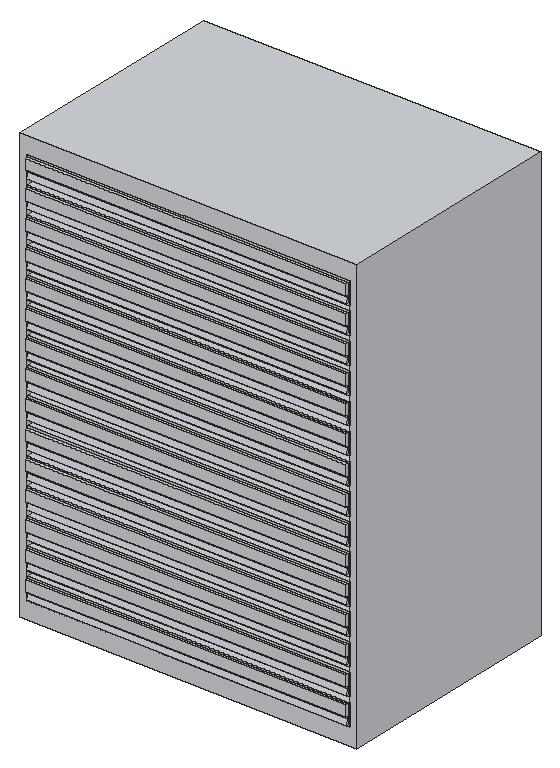
Revit family "Шкаф металлический формата А1 на 5-15 ящиков", category Оборудование, Revit 2017
Family settings
  Размер круглого соединителя = Использовать диаметр
  Тип детали = Нормальный
  На основе рабочей плоскости = Нет
  Всегда вертикально = Да
  При загрузке вырезать с полостями = Нет
  Общий = Нет
  Точка расчета площади = Нет
Parameters (values of type "15 ящиков")
  шш = 970.0 mm
  кол-во ящиков = 15
  вв = 66.5 mm
  Ширина = 1010.0 mm
  Система [instance] = ""
  Примечание [instance] = ""
  Позиция [instance] = ""
  Обозначение = "Комплект в составе: A1-05/3 (нижняя секция), A1-05/2 (центральная секция), A1-05/0 (верхняя секция), разделители для формата А2, (15 шт.)"
  Наименование = "Шкаф металлический для хранения документов формата А1, 15 ящиков"
  Материал = Металл окрашенный серый
  Масса = "194"
  Код оборудования = "-"
  Keynote = ""
  Изготовитель = "Severin"
  Завод = "Практик"
  Единицы = "шт."
  Model = ""
  Глубина = 691.0 mm
  Высота = 1300.0 mm
Types (2, lengths in mm): name | кол-во ящиков | вв | Обозначение | Наименование | Материал | Масса | Изготовитель | Завод | Model | Глубина | Высота
  10 ящиков | 10 | 68.5 | "Комплект в составе: A1-05/3 (нижняя секция), A1-05/0 (верхняя секция), разделители для формата А2 (10 шт.)" | "Шкаф металлический для хранения документов формата А1, 10 ящиков" | ЛДСП | "134" | "Ant" | "Торговая сеть" | "ТХ" | 915.0 | 835.0
  15 ящиков | 15 | 66.5 | "Комплект в составе: A1-05/3 (нижняя секция), A1-05/2 (центральная секция), A1-05/0 (верхняя секция), разделители для формата А2, (15 шт.)" | "Шкаф металлический для хранения документов формата А1, 15 ящиков" | Металл окрашенный серый | "194" | "Severin" | "Практик" | "" | 691.0 | 1300.0
Reference planes
  plane 1 "По центру (Вперед/Назад)": y = 0
  plane 2: z = 0
  plane 3 "По центру (Влево/Вправо)": x = 0
  plane 4: x = -505
  plane 5: x = 505
  plane 6: y = 345.5
  plane 7: y = -345.5
  plane 8: z = 1300
  plane 9: x = -485
  plane 10: x = 485
  plane 11: z = 1250
  plane 12: z = 50
  plane 13: y = 325.5
  plane 14: z = 1183.5
  plane 15: z = 1183.5
  plane 16: z = 130.964
  plane 17: z = 211.929
  plane 18: z = 292.893
  plane 19: z = 373.857
  plane 20: z = 454.821
  plane 21: z = 535.786
  plane 22: z = 616.75
  plane 23: z = 697.714
  plane 24: z = 778.679
  plane 25: z = 859.643
  plane 26: z = 940.607
  plane 27: z = 1021.571
  plane 28: z = 1102.536
Forms (mm)
  Extrusion 1, solid, detail levels medium+fine
    sketch origin (0, 0, 0) x (1, 0, 0) y (0, 0, 1)
      loop
        line (-505, 1300) -> (-505, 0) -> (505, 0) -> (505, 1300) -> (-505, 1300)
      loop
        line (-485, 1250) -> (-485, 50) -> (485, 50) -> (485, 1250) -> (-485, 1250)
    from -345.5 to 345.5
  Extrusion 2, solid, detail levels medium+fine
    sketch origin (0, 0, 0) x (1, 0, 0) y (0, 0, 1)
      loop
        line (-485, 1250) -> (-485, 50) -> (485, 50) -> (485, 1250) -> (-485, 1250)
    from -345.5 to -325.5
Lines and regions (mm)
  symbolic lines, detail levels coarse+medium
    curve 1: line (505, -345.5, 0) -> (-505, -345.5, 0)
    curve 2: line (505, 345.5, 0) -> (505, -345.5, 0)
    curve 3: line (-505, 345.5, 0) -> (505, 345.5, 0)
    curve 4: line (-505, -345.5, 0) -> (-505, 345.5, 0)
    curve 5: line (-505, -345.5, 0) -> (0, 345.5, 0)
    curve 6: line (0, 345.5, 0) -> (505, -345.5, 0)
Dimensions and locks
  equal spacing: plane 4, plane 3 "По центру (Влево/Вправо)", plane 5
  "Ширина": plane 4 to plane 5
  equal spacing: plane 6, plane 1 "По центру (Вперед/Назад)", plane 7
  "Глубина": plane 6 to plane 7
  "Высота": plane 8 to plane 2
  locked: plane 4 to plane 9 at 20
  locked: plane 10 to plane 5 at 20
  plane 8 to plane 11 = 50.0 mm
  plane 12 to level = 50.0 mm
  locked: plane 6 to plane 13 at 20
  "вв": plane 11 to plane 14
  equal spacing: group 1, group 3, group 4, group 5, group 6, group 7, group 8, group 9, group 10, group 11, group 12, group 13, group 14, group 15, group 2  (x3)
  aligned and locked: level to plane 2
  aligned and locked: Extrusion 1 sketch curve to plane 8
  aligned and locked: plane 4 to Extrusion 1 sketch curve
  aligned and locked: plane 2 to Extrusion 1 sketch curve
  aligned and locked: Extrusion 1 sketch curve to plane 5
  aligned and locked: Extrusion 1 to plane 7
  aligned and locked: plane 6 to Extrusion 1
  aligned and locked: Extrusion 1 sketch curve to plane 11
  aligned and locked: Extrusion 1 sketch curve to plane 9
  aligned and locked: Extrusion 1 sketch curve to plane 12
  aligned and locked: plane 10 to Extrusion 1 sketch curve
  aligned and locked: Extrusion 2 sketch curve to plane 11
  aligned and locked: Extrusion 2 sketch curve to plane 9
  aligned and locked: plane 10 to Extrusion 2 sketch curve
  aligned and locked: Extrusion 2 sketch curve to plane 12
  aligned and locked: plane 6 to Extrusion 2
  aligned and locked: Extrusion 2 to plane 13
  aligned and locked: nested 1 to plane 12
  aligned and locked: nested 2 to plane 15
  aligned and locked: nested 3 to plane 16
  aligned and locked: nested 4 to plane 17
  aligned and locked: nested 5 to plane 18
  aligned and locked: plane 15 to plane 14
  aligned and locked: nested 2 to plane 7
  aligned and locked: nested 1 to plane 7
  aligned and locked: nested 6 to plane 19
  aligned and locked: nested 7 to plane 20
  aligned and locked: nested 8 to plane 21
  aligned and locked: nested 9 to plane 22
  aligned and locked: nested 10 to plane 23
  aligned and locked: nested 11 to plane 24
  aligned and locked: nested 12 to plane 25
  aligned and locked: nested 13 to plane 26
  aligned and locked: nested 14 to plane 27
  aligned and locked: nested 15 to plane 28
Automatic sketch dimensions
  curve 1 to plane 4 = 0.0 mm
  curve 6 to plane 3 "По центру (Влево/Вправо)" = 0.0 mm
  curve 2 to plane 5 = 0.0 mm
  curve 6 to plane 7 = 0.0 mm
  curve 4 to plane 6 = 0.0 mm
Nested families
  nested 1: "полка123123" at (0, -335.5, 50) x (-1, 0, 0) z (0, 0, 1), B <- "вв", Ш <- "шш", type "полка123123", detail levels medium+fine
    with Ш 970.0 mm, Г 20.0 mm, B 66.5 mm
  nested 2: "полка123123" at (0, -335.5, 1183.5) x (-1, 0, 0) z (0, 0, 1), B <- "вв", Ш <- "шш", type "полка123123", detail levels medium+fine
    with Ш 970.0 mm, Г 20.0 mm, B 66.5 mm
  nested 3: "полка123123" at (0, -335.5, 130.964) x (-1, 0, 0) z (0, 0, 1), B <- "вв", Ш <- "шш", type "полка123123", detail levels medium+fine
    with Ш 970.0 mm, Г 20.0 mm, B 66.5 mm
  nested 4: "полка123123" at (0, -335.5, 211.929) x (-1, 0, 0) z (0, 0, 1), B <- "вв", Ш <- "шш", type "полка123123", detail levels medium+fine
    with Ш 970.0 mm, Г 20.0 mm, B 66.5 mm
  nested 5: "полка123123" at (0, -335.5, 292.893) x (-1, 0, 0) z (0, 0, 1), B <- "вв", Ш <- "шш", type "полка123123", detail levels medium+fine
    with Ш 970.0 mm, Г 20.0 mm, B 66.5 mm
  nested 6: "полка123123" at (0, -335.5, 373.857) x (-1, 0, 0) z (0, 0, 1), B <- "вв", Ш <- "шш", type "полка123123", detail levels medium+fine
    with Ш 970.0 mm, Г 20.0 mm, B 66.5 mm
  nested 7: "полка123123" at (0, -335.5, 454.821) x (-1, 0, 0) z (0, 0, 1), B <- "вв", Ш <- "шш", type "полка123123", detail levels medium+fine
    with Ш 970.0 mm, Г 20.0 mm, B 66.5 mm
  nested 8: "полка123123" at (0, -335.5, 535.786) x (-1, 0, 0) z (0, 0, 1), B <- "вв", Ш <- "шш", type "полка123123", detail levels medium+fine
    with Ш 970.0 mm, Г 20.0 mm, B 66.5 mm
  nested 9: "полка123123" at (0, -335.5, 616.75) x (-1, 0, 0) z (0, 0, 1), B <- "вв", Ш <- "шш", type "полка123123", detail levels medium+fine
    with Ш 970.0 mm, Г 20.0 mm, B 66.5 mm
  nested 10: "полка123123" at (0, -335.5, 697.714) x (-1, 0, 0) z (0, 0, 1), B <- "вв", Ш <- "шш", type "полка123123", detail levels medium+fine
    with Ш 970.0 mm, Г 20.0 mm, B 66.5 mm
  nested 11: "полка123123" at (0, -335.5, 778.679) x (-1, 0, 0) z (0, 0, 1), B <- "вв", Ш <- "шш", type "полка123123", detail levels medium+fine
    with Ш 970.0 mm, Г 20.0 mm, B 66.5 mm
  nested 12: "полка123123" at (0, -335.5, 859.643) x (-1, 0, 0) z (0, 0, 1), B <- "вв", Ш <- "шш", type "полка123123", detail levels medium+fine
    with Ш 970.0 mm, Г 20.0 mm, B 66.5 mm
  nested 13: "полка123123" at (0, -335.5, 940.607) x (-1, 0, 0) z (0, 0, 1), B <- "вв", Ш <- "шш", type "полка123123", detail levels medium+fine
    with Ш 970.0 mm, Г 20.0 mm, B 66.5 mm
  nested 14: "полка123123" at (0, -335.5, 1021.571) x (-1, 0, 0) z (0, 0, 1), B <- "вв", Ш <- "шш", type "полка123123", detail levels medium+fine
    with Ш 970.0 mm, Г 20.0 mm, B 66.5 mm
  nested 15: "полка123123" at (0, -335.5, 1102.536) x (-1, 0, 0) z (0, 0, 1), B <- "вв", Ш <- "шш", type "полка123123", detail levels medium+fine
    with Ш 970.0 mm, Г 20.0 mm, B 66.5 mm
Definition of nested family "полка123123"
  Parameters (values of type "полка123123")
    Ш [instance] = 970.0 mm
    Г [instance] = 20.0 mm
    B [instance] = 64.0 mm
  Reference planes
    plane 1 "По центру (Вперед/Назад)": y = 0
    plane 2: z = 0
    plane 3 "По центру (Влево/Вправо)": x = 0
    plane 4: x = -485
    plane 5: x = 485
    plane 6: y = 10
    plane 7: y = -10
    plane 8: z = 64
    plane 9: x = -480
    plane 10: z = 59
    plane 11: z = 5
    plane 12: x = 480
  Forms (mm)
    Extrusion 1, solid
      sketch origin (0, 0, 0) x (1, 0, 0) y (0, 0, 1)
        loop
          line (-485, 64) -> (-485, 0) -> (485, 0) -> (485, 64) -> (-485, 64)
      from -10 to 10
    Sweep 2, solid
      path origin (0, 0, 0) x (1, 0, 0) y (0, 0, -1)
        loop
          line (-480, -5) -> (480, -5)
      profile origin (0, 0, 5) x (0, 0, -1) y (0, 1, 0)
        loop
          line (0, 15) -> (-13.631, 10) -> (-38.631, 10) -> (-38.631, 15) -> (-22.129, 15) -> (-22.129, 20) -> (-54, 20) -> (-54, 0) -> (0, 0) -> (0, 15)
  Dimensions and locks
    equal spacing: plane 6, plane 1 "По центру (Вперед/Назад)", plane 7
    equal spacing: plane 4, plane 3 "По центру (Влево/Вправо)", plane 5
    "Ш": plane 4 to plane 5
    "Г": plane 6 to plane 7
    "B": plane 8 to level
    locked: plane 8 to plane 10 at 5
    locked: plane 11 to level at 5
    locked: plane 5 to plane 12 at 5
    locked: plane 9 to plane 4 at 5
    aligned and locked: level to plane 2
    aligned and locked: Extrusion 1 sketch curve to plane 8
    aligned and locked: plane 4 to Extrusion 1 sketch curve
    aligned and locked: plane 2 to Extrusion 1 sketch curve
    aligned and locked: Extrusion 1 sketch curve to plane 5
    aligned and locked: plane 6 to Extrusion 1
    aligned and locked: Extrusion 1 to plane 7
    aligned and locked: profile plane to Sweep 2 sketch curve
    aligned and locked: plane 10 to Sweep 2
    aligned and locked: Sweep 2 to plane 11
    aligned and locked: plane 10 to Sweep 2 sketch curve
  Automatic sketch dimensions
    Sweep 2 sketch curve to plane 9 = 0.0 mm
    Sweep 2 sketch curve to plane 11 = 0.0 mm
    Sweep 2 sketch curve to plane 12 = 0.0 mm
    Sweep 2 sketch curve to profile plane = 0.0 mm
    Sweep 2 sketch curve to Sweep 2 sketch curve = 15.369 mm
    Sweep 2 sketch curve to Sweep 2 sketch curve = 16.502 mm
    Sweep 2 sketch curve to Sweep 2 sketch curve = 8.498 mm
    profile plane to Sweep 2 sketch curve = 10.0 mm
    Sweep 2 sketch curve to Sweep 2 sketch curve = 5.0 mm  (x2)
    profile plane to Sweep 2 sketch curve = 15.0 mm
